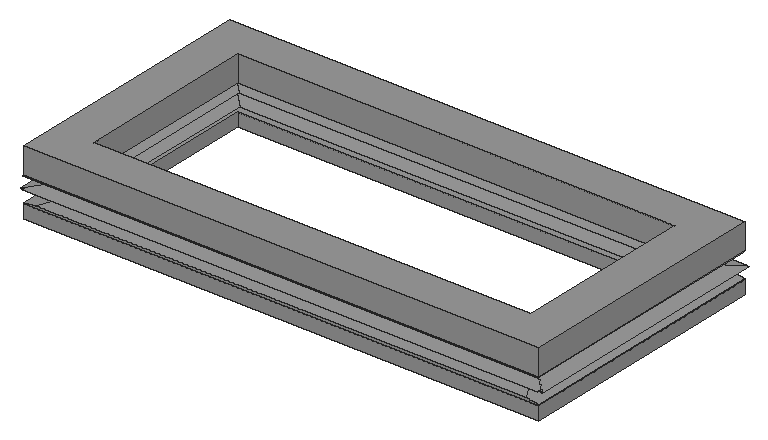
Revit family "protivipozarnae_stora_firetechnics-s_garmoshka", category Двери, Revit 2016
Family settings
  На основе рабочей плоскости = Нет
  Всегда вертикально = Да
  При загрузке вырезать с полостями = Нет
  Общий = Нет
  Точка расчета площади = Нет
Parameters (values of type "Противопожарные шторы FireTechnics-S «Гармошка»")
  ширина короба = 300 mm  # constant formula
  Штора закрыта [instance] = yes
  Внутренняя ширина = ADSK_Размер_Ширина - 600 mm  # 3400 mm
  Разработано = "support@bimlib.ru"  # constant formula
  Материал полотна = Полотно
  Материал короба = Сталь_оцинкованная_листовая_1мм_Firetechnics
  Изготовитель = "Firetechnics"  # constant formula
  Заданная высота [instance] = if(Штора закрыта, 500 mm, ADSK_Размер_Высота)  # 500 mm
  Внутренняя длина = ADSK_Размер_Длина - 600 mm  # 1400 mm
  Высота нижнего короба = 100 mm  # constant formula
  Высота верхнего короба = 200 mm  # constant formula
  Аналитическая конструкция = "<Нет>"
  URL = "https://www.fire-tec.ru/"
  ADSK_Размер_Ширина = 4000 mm
  ADSK_Размер_Длина = 2000 mm
  ADSK_Размер_Высота = 5000 mm
  ADSK_Примечание [instance] = ""
  ADSK_Предел огнестойкости = "EI120"  # constant formula
  ADSK_Позиция [instance] = ""
  ADSK_Обозначение = ""
  ADSK_Наименование = "Протипожарная штора Firetechnics-S \"Гармошка\" EI120"
  ADSK_Масса_Текст = ""
  ADSK_Завод-изготовитель = Изготовитель  # "Firetechnics"
  ADSK_Единица измерения = ""
  ADSK_URL страницы изделия = "https://www.fire-tec.ru/catalog/protivopozharnye-shtory/protivopozharnye-shtory-fireshields-garmoshka/"
  ADSK_URL документации изделия = ""
Reference planes
  plane 1 "По центру (Вперед/Назад)": y = 0
  plane 2: z = 0
  plane 3 "По центру (Влево/Вправо)": x = 0
  plane 4: x = -1700
  plane 5: x = 1700
  plane 6: y = 700
  plane 7: y = -700
  plane 8: x = -2000
  plane 9: y = -1000
  plane 10: x = 2000
  plane 11: y = 1000
  plane 12: z = 100
  plane 13: z = 300
  plane 14: z = 500
  plane 15: z = 150
  plane 16: z = 200
  plane 17: z = 250
  plane 18: through (4267.2, -863.137, 95.312) normal (0, -0.9213, 0.3889)
  plane 19: through (4267.2, -863.137, 903.003) normal (0, 0.9186, 0.3952)
  plane 20: through (4267.2, -691.033, 1303.003) normal (0, 0.9213, -0.3889)
  plane 21: through (4267.2, -863.137, 1747.394) normal (0, 0.9325, 0.3611)
  plane 22: through (4267.2, 863.137, 95.312) normal (0, -0.9213, -0.3889)
  plane 23: through (4267.2, 863.137, 903.003) normal (0, 0.9186, -0.3952)
  plane 24: through (4267.2, 691.033, 1303.003) normal (0, 0.9213, 0.3889)
  plane 25: through (4267.2, 863.137, 1747.394) normal (0, 0.9325, -0.3611)
  plane 26: through (-1040, -1524, 100) normal (-0.1644, 0, 0.9864)
  plane 27: through (-1040, -1524, 200) normal (0.1644, 0, 0.9864)
  plane 28: through (-740, -1524, 250) normal (0.1644, 0, -0.9864)
  plane 29: through (-1040, -1524, 300) normal (0.1644, 0, 0.9864)
  plane 30: through (1040, -1524, 100) normal (-0.1644, 0, -0.9864)
  plane 31: through (1040, -1524, 200) normal (0.1644, 0, -0.9864)
  plane 32: through (740, -1524, 250) normal (0.1644, 0, 0.9864)
  plane 33: through (1040, -1524, 300) normal (0.1644, 0, -0.9864)
  plane 34: x = -2100
  plane 35: x = 2100
  plane 36: y = -1200
  plane 37: y = 1200
Forms (mm)
  Extrusion 1, solid, material "Сталь_оцинкованная_листовая_1мм_Firetechnics" <- "Материал короба"
    sketch origin (0, 0, 0) x (1, 0, 0) y (0, 1, 0)
      loop
        line (-2000, 1000) -> (-2000, -1000) -> (2000, -1000) -> (2000, 1000) -> (-2000, 1000)
      loop
        line (-1700, 700) -> (-1700, -700) -> (1700, -700) -> (1700, 700) -> (-1700, 700)
    from 300 to 500
  Extrusion 2, solid, material "Сталь_оцинкованная_листовая_1мм_Firetechnics" <- "Материал короба"
    sketch origin (0, 0, -1752.082) x (1, 0, 0) y (0, 1, 0)
      loop
        line (-2000, 1000) -> (-2000, -1000) -> (2000, -1000) -> (2000, 1000) -> (-2000, 1000)
      loop
        line (-1700, 700) -> (-1700, -700) -> (1700, -700) -> (1700, 700) -> (-1700, 700)
    from 1747.394 to 1852.082
  Extrusion 3, solid, material "Полотно" <- "Материал полотна"
    sketch origin (0, 0, 0) x (0, 1, 0) y (0, 0, 1)
      loop
        line (-1000, 120) -> (-1000, 100) -> (-988.937, 100) -> (-688.937, 150) -> (-978.443, 200) -> (-681.69, 250) -> (-981.69, 300) -> (-1011.69, 300) -> (-711.69, 250) -> (-1008.443, 200) -> (-708.443, 150) -> (-1000, 120)
    from -2000 to 2000
  Extrusion 4, solid, material "Полотно" <- "Материал полотна"
    sketch origin (0, 0, 0) x (0, -1, 0) y (0, 0, -1)
      loop
        line (-1000, -120) -> (-708.443, -150) -> (-1008.443, -200) -> (-711.69, -250) -> (-1011.69, -300) -> (-981.69, -300) -> (-681.69, -250) -> (-978.443, -200) -> (-688.937, -150) -> (-988.937, -100) -> (-1000, -100) -> (-1000, -120)
    from -2000 to 2000
  Extrusion 5, solid, material "Полотно" <- "Материал полотна"
    sketch origin (0, 0, 0) x (1, 0, 0) y (0, 0, 1)
      loop
        line (-2000, 100) -> (-1975, 100) -> (-1675, 150) -> (-1975, 200) -> (-1675, 250) -> (-1975, 300) -> (-2000, 300) -> (-2000, 295) -> (-1730, 250) -> (-2030, 200) -> (-1730, 150) -> (-2000, 105) -> (-2000, 100)
    from -1000 to 1000
  Extrusion 6, solid, material "Полотно" <- "Материал полотна"
    sketch origin (0, 0, 0) x (-1, 0, 0) y (0, 0, -1)
      loop
        line (-2000, -100) -> (-2000, -105) -> (-1730, -150) -> (-2030, -200) -> (-1730, -250) -> (-2000, -295) -> (-2000, -300) -> (-1975, -300) -> (-1675, -250) -> (-1975, -200) -> (-1675, -150) -> (-1975, -100) -> (-2000, -100)
    from -1000 to 1000
  Extrusion 7, void
    sketch origin (0, 0, 0) x (1, 0, 0) y (0, 0, 1)
      loop
        line (-2000, 300) -> (-2100, 300) -> (-2100, 100) -> (-2000, 100) -> (-2000, 105) -> (-1730, 150) -> (-2030, 200) -> (-1730, 250) -> (-2000, 295) -> (-2000, 300)
      loop
        line (1730, 250) -> (2030, 200) -> (1730, 150) -> (2000, 105) -> (2000, 100) -> (2100, 100) -> (2100, 300) -> (2000, 300) -> (2000, 295) -> (1730, 250)
    from -1200 to 1200
  Extrusion 8, void
    sketch origin (0, 0, 0) x (0, 1, 0) y (0, 0, 1)
      loop
        line (711.69, 250) -> (1008.443, 200) -> (708.443, 150) -> (1000, 120) -> (1000, 100) -> (1200, 100) -> (1200, 300) -> (999.772, 300) -> (999.772, 298.014) -> (711.69, 250)
      loop
        line (-1011.69, 300) -> (-1200, 300) -> (-1200, 100) -> (-1000, 100) -> (-1000, 120) -> (-708.443, 150) -> (-1008.443, 200) -> (-711.69, 250) -> (-1011.69, 300)
    from -2100 to 2100
Cuts and joins
  Extrusion 7, Extrusion 8 cuts Extrusion 3
  Extrusion 7, Extrusion 8 cuts Extrusion 4
  Extrusion 7, Extrusion 8 cuts Extrusion 5
  Extrusion 7, Extrusion 8 cuts Extrusion 6
  joined: Extrusion 3, Extrusion 4, Extrusion 5, Extrusion 6
  Extrusion 8 cuts Extrusion 1
Lines and regions (mm)
  symbolic lines
    curve 1: line (-2000, 1008.443, 0) -> (-2000, -1011.69, 0)
    curve 2: line (-2000, -1011.69, 0) -> (2000, -1011.69, 0)
    curve 3: line (2000, -1011.69, 0) -> (2000, 1008.443, 0)
    curve 4: line (2000, 1008.443, 0) -> (-2000, 1008.443, 0)
Dimensions and locks
  equal spacing: plane 6, plane 1 "По центру (Вперед/Назад)", plane 7
  "Внутренняя длина": plane 6 to plane 7
  equal spacing: plane 4, plane 3 "По центру (Влево/Вправо)", plane 5
  "Внутренняя ширина": plane 4 to plane 5
  "ширина короба": plane 11 to plane 6
  "ширина короба": plane 7 to plane 9
  "ширина короба": plane 8 to plane 4
  "ширина короба": plane 5 to plane 10
  "Высота верхнего короба": plane 14 to plane 13
  "Высота нижнего короба": plane 12 to level
  equal spacing: plane 13, plane 17, plane 16, plane 15, plane 12
  "Заданная высота": plane 14 to level
  locked: plane 8 to plane 34 at 100
  locked: plane 10 to plane 35 at 100
  locked: plane 11 to plane 37 at 200
  locked: plane 36 to plane 9 at 200
  aligned and locked: level to plane 2
  aligned and locked: Extrusion 1 to plane 14
  aligned and locked: Extrusion 1 to plane 13
  aligned and locked: Extrusion 3 to plane 10
  aligned and locked: Extrusion 3 to plane 8
  aligned and locked: Extrusion 3 to plane 13
  aligned and locked: Extrusion 3 to plane 12
  aligned and locked: Extrusion 2 to plane 12
  aligned and locked: Extrusion 4 to plane 10
  aligned and locked: Extrusion 4 to plane 8
  aligned and locked: Extrusion 6 to plane 9
  aligned and locked: Extrusion 6 to plane 11
  aligned and locked: Extrusion 5 to plane 9
  aligned and locked: Extrusion 5 to plane 11
  aligned and locked: plane 13 to Extrusion 7 sketch curve
  aligned and locked: Extrusion 7 sketch curve to plane 34
  aligned and locked: Extrusion 7 sketch curve to plane 12
  aligned and locked: Extrusion 7 sketch curve to cut or joined group of Extrusion 3, Extrusion 4, Extrusion 5, Extrusion 6, Extrusion 7, Extrusion 8  (x9)
  aligned and locked: plane 10 to Extrusion 7 sketch curve  (x2)
  aligned and locked: Extrusion 7 sketch curve to plane 13
  aligned and locked: Extrusion 7 sketch curve to plane 35
  aligned and locked: plane 12 to Extrusion 7 sketch curve
  aligned and locked: Extrusion 7 to plane 37
  aligned and locked: Extrusion 7 to plane 36
  aligned and locked: Extrusion 8 sketch curve to cut or joined group of Extrusion 3, Extrusion 4, Extrusion 5, Extrusion 6, Extrusion 7, Extrusion 8  (x7)
  aligned and locked: cut or joined group of Extrusion 3, Extrusion 4, Extrusion 5, Extrusion 6, Extrusion 7, Extrusion 8 to Extrusion 8 sketch curve
  aligned and locked: plane 11 to Extrusion 8 sketch curve
  aligned and locked: Extrusion 8 sketch curve to plane 13
  aligned and locked: Extrusion 8 sketch curve to plane 12
  aligned and locked: Extrusion 8 sketch curve to plane 9
  aligned and locked: plane 13 to Extrusion 8 sketch curve
  aligned and locked: Extrusion 8 sketch curve to plane 36
  aligned and locked: plane 12 to Extrusion 8 sketch curve
  aligned and locked: Extrusion 8 to plane 34
  aligned and locked: Extrusion 8 to plane 35
Automatic sketch dimensions
  Extrusion 1 sketch curve to plane 8 = 0 mm
  Extrusion 1 sketch curve to plane 4 = 0 mm
  Extrusion 1 sketch curve to plane 5 = 0 mm
  Extrusion 1 sketch curve to plane 9 = 0 mm
  Extrusion 1 sketch curve to plane 10 = 0 mm
  Extrusion 1 sketch curve to plane 7 = 0 mm
  Extrusion 1 sketch curve to plane 6 = 0 mm
  plane 11 to Extrusion 1 sketch curve = 0 mm
  Extrusion 2 sketch curve to plane 8 = 0 mm
  Extrusion 2 sketch curve to plane 4 = 0 mm
  Extrusion 2 sketch curve to plane 5 = 0 mm
  Extrusion 2 sketch curve to plane 9 = 0 mm
  Extrusion 2 sketch curve to plane 10 = 0 mm
  Extrusion 2 sketch curve to plane 7 = 0 mm
  Extrusion 2 sketch curve to plane 6 = 0 mm
  plane 11 to Extrusion 2 sketch curve = 0 mm
  plane 13 to Extrusion 3 sketch curve = 0 mm
  Extrusion 3 sketch curve to plane 16 = 0 mm  (x2)
  Extrusion 3 sketch curve to plane 9 = 0 mm
  Extrusion 3 sketch curve to plane 12 = 0 mm
  plane 17 to Extrusion 3 sketch curve = 0 mm  (x2)
  Extrusion 3 sketch curve to plane 15 = 0 mm  (x2)
  Extrusion 3 sketch curve to plane 9 = 8.443 mm
  Extrusion 3 sketch curve to plane 9 = 11.69 mm
  plane 9 to Extrusion 3 sketch curve = 11.063 mm
  plane 9 to Extrusion 3 sketch curve = 18.31 mm
  plane 9 to Extrusion 3 sketch curve = 21.557 mm
  Extrusion 3 sketch curve to plane 7 = 11.69 mm
  Extrusion 3 sketch curve to plane 7 = 8.443 mm
  plane 7 to Extrusion 3 sketch curve = 11.063 mm
  plane 7 to Extrusion 3 sketch curve = 18.31 mm
  Extrusion 3 sketch curve to Extrusion 3 sketch curve = 20 mm
  plane 13 to Extrusion 4 sketch curve = 0 mm
  Extrusion 4 sketch curve to plane 16 = 0 mm  (x2)
  Extrusion 4 sketch curve to plane 11 = 0 mm
  Extrusion 4 sketch curve to plane 12 = 0 mm
  plane 17 to Extrusion 4 sketch curve = 0 mm  (x2)
  Extrusion 4 sketch curve to plane 15 = 0 mm  (x2)
  plane 11 to Extrusion 4 sketch curve = 8.443 mm
  plane 11 to Extrusion 4 sketch curve = 11.69 mm
  Extrusion 4 sketch curve to Extrusion 4 sketch curve = 11.063 mm
  Extrusion 4 sketch curve to plane 11 = 18.31 mm
  Extrusion 4 sketch curve to plane 11 = 21.557 mm
  Extrusion 4 sketch curve to plane 6 = 11.69 mm
  Extrusion 4 sketch curve to plane 6 = 8.443 mm
  plane 6 to Extrusion 4 sketch curve = 11.063 mm
  plane 6 to Extrusion 4 sketch curve = 18.31 mm
  Extrusion 4 sketch curve to Extrusion 4 sketch curve = 20 mm
  Extrusion 5 sketch curve to plane 16 = 0 mm  (x2)
  Extrusion 5 sketch curve to plane 8 = 0 mm  (x2)
  Extrusion 5 sketch curve to plane 12 = 0 mm
  Extrusion 5 sketch curve to plane 13 = 0 mm
  Extrusion 5 sketch curve to plane 15 = 0 mm  (x2)
  Extrusion 5 sketch curve to plane 17 = 0 mm  (x2)
  Extrusion 5 sketch curve to plane 8 = 30 mm
  plane 8 to Extrusion 5 sketch curve = 25 mm  (x3)
  Extrusion 5 sketch curve to plane 4 = 30 mm  (x2)
  plane 4 to Extrusion 5 sketch curve = 25 mm  (x2)
  plane 12 to Extrusion 5 sketch curve = 5 mm
  Extrusion 5 sketch curve to Extrusion 5 sketch curve = 5 mm
  Extrusion 6 sketch curve to plane 16 = 0 mm  (x2)
  plane 10 to Extrusion 6 sketch curve = 0 mm  (x2)
  Extrusion 6 sketch curve to plane 12 = 0 mm
  Extrusion 6 sketch curve to plane 13 = 0 mm
  Extrusion 6 sketch curve to plane 15 = 0 mm  (x2)
  Extrusion 6 sketch curve to plane 17 = 0 mm  (x2)
  plane 10 to Extrusion 6 sketch curve = 30 mm
  Extrusion 6 sketch curve to plane 10 = 25 mm  (x3)
  Extrusion 6 sketch curve to plane 5 = 30 mm  (x2)
  plane 5 to Extrusion 6 sketch curve = 25 mm  (x2)
  Extrusion 6 sketch curve to Extrusion 6 sketch curve = 5 mm
  Extrusion 6 sketch curve to plane 13 = 5 mm
  Extrusion 7 sketch curve to plane 8 = 0 mm
  Extrusion 8 sketch curve to plane 37 = 0 mm
  plane 11 to Extrusion 8 sketch curve = 0.228 mm
  curve 1 to plane 8 = 0 mm
  curve 1 to plane 9 = 11.69 mm
  curve 3 to plane 11 = 8.443 mm
  curve 3 to plane 10 = 0 mm
